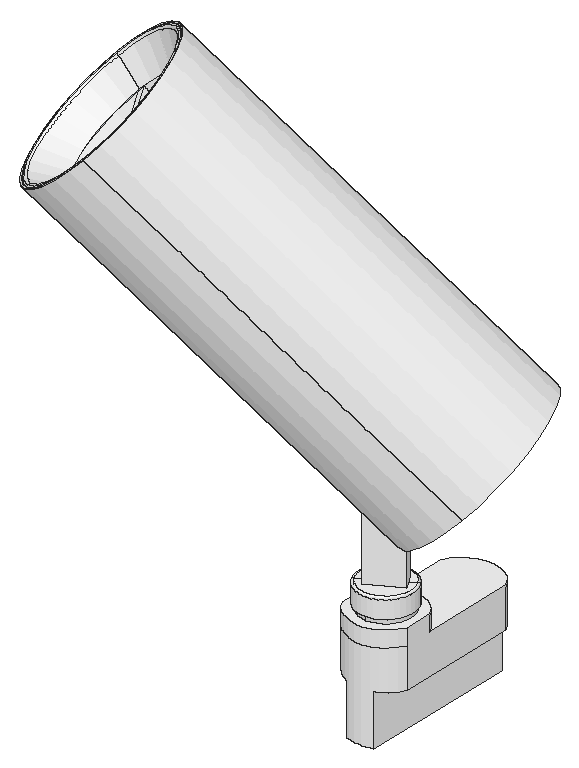
Revit family "0005444", category Lighting Fixtures, host Face, Revit 2017
Family settings
  Host = Face
  Round Connector Dimension = Use Diameter
  Part Type = Normal
  OmniClass Number = 23.80.70.00
  OmniClass Title = Lighting
  Cut with Voids When Loaded = No
  Light Source = No
  Shared = No
  Room Calculation Point = No
Parameters (values of type "0005444 PIXO LARGE 4725LM 930 NB MB WB WHT - 24 degree")
  Weight = "7.476 kg"
  Wattage Comments = ""
  WarrantyStartDate [instance] = "n/a"
  WarrantyGuarantorParts = "n/a"
  WarrantyDurationUnit = "n/a"
  WarrantyDurationParts = "n/a"
  WarrantyDescription = "n/a"
  Voltage = 0 V
  VerticalRotation_SYL [instance] = 60.00°
  VerticalEndAngle_SYL [instance] = VerticalRotation_SYL - 180.00°  # -120.00°
  URL = "http://www.sylvania-lighting.com"
  TypeName = "Pixo Large 4725lm 930 NB MB WB WHT"
  TypeHead_SYL = START Track Spot Integral Head : 0005444 - 24
  TypeArm_SYL = START Track Spot Integral Arm : START Track Spot Integral WH
  Type Image = <None>
  Type Comments = "n/a"
  SerialNumber [instance] = "n/a"
  Material_3_SYL = none
  PowerFactor = 0.9
  PowerConsumption = "54 W"
  NominalLength = 300 mm
  NominalHeight = 303 mm
  NominalDepth = 96 mm
  Name = "Pixo Large 4725lm 930 NB MB WB WHT"
  ModelReference = Name  # "Pixo Large 4725lm 930 NB MB WB WHT"
  ModelNumber = "0005444"
  Model = Name  # "Pixo Large 4725lm 930 NB MB WB WHT"
  Material = "n/a"
  ManufacturerName = "Feilo Sylvania"
  Manufacturer = "Feilo Sylvania"
  LuminousEfficacy = "88 lm/W"
  LuminaireType = ""
  LightOutputRatio = "n/a"
  LampsType = Lamp  # "LED"
  LampNominalLuminous = "4725 lm"
  LampMacAdamStep = "5"
  LampColourTemperature = "3000 K"
  LampColourRenderingIndex = "90"
  Lamp = "LED"
  Keynote = "16500"
  InstallationDate [instance] = "n/a"
  InputVoltage = "n/a"
  InputNominalFrequency = "n/a"
  IngressProtection = "IP20"
  ImpactProtectionIndex = "IK03"
  IfcExportType = "IfcLightFixtureType"
  IfcExportAs = "IfcLightFixtureType"
  HorizontalRotation_SYL [instance] = 45.00°
  ExpectedLife = 50000
  ElectricShockClassification = "Class I"
  DurationUnit = "hours"
  DocumentationLiterature = "http://www.sylvania-lighting.com/product/en-int/products/0005444"
  DimmingControlOptions = "n/a"
  Material_2_SYL = Spacer-Sylvania-StartTrackSpot-Aluminium
  Description = "Integrated LED spotlight, Textured White - RAL9016, simple and slick integral design with no driver box and without any visible screws, ideal for retail applications, die-cast aluminium body, passive cooling heatsink. Beam angle: 36°, additional lenses 24° and 54° beam angle included, color temperature: 3000K , total system power: 54W, total fixture output: 4725 lm, LOR: 100%, colour rendering: Ra: 90 typical, LED Chromaticity: 3 step MacAdam ellipse, lifetime: >50000 hours at L70B50, energy class: A++, A+, A, IR/UV free light source without heat radiation, operating voltage: 220-240V / 50-60Hz,  electronic driver, non-dimmable, ultra low LED flickering rate (5% or less), power factor: >0.90, electrical protection: Class I, Global Track 3 Circuit GA69 adapter suitable for Global trac 3-circuit tracks, ingress protection rating: IP20, suitable for internal environment only, horizontal rotation: 345°, vertical tilt: 90°, dimensions: Ø91x96x300, weight: 1,246kg."
  Default Elevation = 1219.2 mm
  CreatedOn = "9/9/2020"
  CreatedBy = "@sylvania-lighting.com"
  Cost = 0
  built-in parameter 1114216 [instance] = (empty or 0)
  ClassificationValue = "EF_70_80"
  ClassificationName = "Uniclass2015"
  Material_1_SYL = Body-Sylvania-StartTrackSpot-White
  BarCode [instance] = "n/a"
  AssetType = "Fixed"
  AssetIdentifier [instance] = "n/a"
  Assembly Code = "D5020200"
  Apparent Load = 54 VA
  Material_4_SYL = none
Reference planes
  plane 1 "Center (Front/Back)": y = 0
  plane 2: z = 0
  plane 3 "Center (Left/Right)": x = 0
  plane 4: x = 16.6
  plane 5: x = -16.6
  plane 6: x = 7
  plane 7: x = -7
  plane 8: x = -12.8
  plane 9: y = 42
  plane 10: y = 42
  plane 11: y = -42
  plane 12: y = 31.4
  plane 13: y = -31.4
  plane 14: z = -26
  plane 15: z = 20.3
  plane 16: z = 28.5
  plane 17: z = 31.2
  plane 18: y = -17.4
  plane 19: y = -6.8
  plane 20: y = -24.4
Forms (mm)
  Extrusion 1, solid, material "Body-Sylvania-StartTrackSpot-White" <- "Material_1_SYL"
    sketch origin (0, 0, 0) x (1, 0, 0) y (0, 1, 0)
      loop
        line (-16.6, 31.4) -> (-16.6, -31.4)
        arc (-16.6, -31.4) -> (0, -42) -> (16.6, -31.4) r 18.298
        line (16.6, -31.4) -> (16.6, 31.4)
        arc (16.6, 31.4) -> (0, 42) -> (-16.6, 31.4) r 18.298
    from -26 to 20.3
  Extrusion 2, void
    sketch origin (0, 0, 0) x (1, 0, 0) y (0, 1, 0)
      loop
        arc (-7, 40.608) -> (-12.666, 36.907) -> (-16.6, 31.4) r 18.298
        line (-16.6, 31.4) -> (-16.6, -31.4)
        arc (-16.6, -31.4) -> (-12.666, -36.907) -> (-7, -40.608) r 18.298
        line (-7, -40.608) -> (-7, 40.608)
      loop
        line (16.6, -31.4) -> (16.6, 31.4)
        arc (16.6, 31.4) -> (12.666, 36.907) -> (7, 40.608) r 18.298
        line (7, 40.608) -> (7, -40.608)
        arc (7, -40.608) -> (12.666, -36.907) -> (16.6, -31.4) r 18.298
    from 0 to -26
  Extrusion 3, solid, material "Body-Sylvania-StartTrackSpot-White" <- "Material_1_SYL"
    sketch origin (1223.4, -4572, 20.3) x (0, -1, 0) y (-1, 0, 0)
      loop
        line (-4540.6, 1240) -> (-4554.6, 1240)
        arc (-4554.6, 1240) -> (-4565.2, 1223.4) -> (-4554.6, 1206.8) r 18.298
        line (-4554.6, 1206.8) -> (-4540.6, 1206.8)
        arc (-4540.6, 1206.8) -> (-4530, 1223.4) -> (-4540.6, 1240) r 18.298
    from -8.2 to 0
  Extrusion 4, solid, material "Spacer-Sylvania-StartTrackSpot-Aluminium" <- "Material_2_SYL"
    sketch origin (1223.4, -4572, 28.5) x (0, -1, 0) y (-1, 0, 0)
      loop
        circle (-4547.6, 1223.4) r 12.7
    from 0 to -2.7
  Revolve 5, solid, not visible
    sketch origin (1524, -24.4, 1219.2) x (1, 0, 0) y (0, 0, 1)
      loop
        line (-1524, -1188) -> (-1524, -1168.735) -> (-1531, -1168.735) -> (-1531, -1188) -> (-1524, -1188)
      axis (-1524, -1168.735) -> (-1524, -1188)
    angle from 60 <- "VerticalRotation_SYL" to -120 <- "VerticalEndAngle_SYL"
Cuts and joins
  Extrusion 2 cuts Extrusion 1
  joined: Extrusion 1, Extrusion 3
Lines and regions (mm)
  reference lines
    curve 1: circle (0, -24.4, 0) r 12.7 normal (0, 0, 1)
    curve 2: arc (-16.6, -31.4, 0) -> (0, -42, 0) -> (16.6, -31.4, 0) r 18.298
    curve 3: arc (-16.6, -17.4, 0) -> (0, -6.8, 0) -> (16.6, -17.4, 0) r 18.298
    curve 4: arc (-16.6, 31.4, 0) -> (0, 42, 0) -> (16.6, 31.4, 0) r 18.298
Dimensions and locks
  plane 6 to plane 3 "Center (Left/Right)" to plane 7 = 7 mm locked, 7 mm locked
  plane 4 to plane 3 "Center (Left/Right)" to plane 5 = 16.6 mm locked, 16.6 mm locked
  locked: plane 3 "Center (Left/Right)" to plane 8 at 12.8
  plane 11 to plane 1 "Center (Front/Back)" to plane 10 = 42 mm locked, 42 mm locked
  plane 13 to plane 1 "Center (Front/Back)" to plane 12 = 31.4 mm locked, 31.4 mm locked
  locked: plane 2 to plane 14 at 26
  locked: plane 15 to plane 2 at 20.3
  plane 17 to plane 16 to plane 15 = 2.7 mm locked, 8.2 mm locked
  locked: plane 13 to plane 18 at 14
  locked: plane 18 to plane 19 at 10.6
  equal spacing: plane 13, plane 20, plane 18
  locked: plane 20 to curve 2 at 0.698
  locked: curve 3 to plane 20 at 0.698
  aligned and locked: plane 2 to host face
  aligned and locked: level to host face
  aligned and locked: plane 3 "Center (Left/Right)" to curve 1
  aligned and locked: plane 20 to curve 1
  aligned and locked: plane 13 to curve 2  (x2)
  aligned and locked: plane 18 to curve 3  (x2)
  aligned and locked: plane 12 to curve 4  (x2)
  aligned and locked: plane 4 to curve 4
  aligned and locked: plane 3 "Center (Left/Right)" to curve 4
  aligned and locked: plane 5 to curve 2
  aligned and locked: plane 5 to curve 3
  aligned and locked: plane 4 to curve 3
  aligned and locked: plane 4 to curve 2
  aligned and locked: plane 12 to Extrusion 1 sketch curve
  aligned and locked: plane 13 to Extrusion 1 sketch curve
  aligned and locked: Extrusion 1 sketch curve to curve 4
  aligned and locked: Extrusion 1 sketch curve to curve 2
  aligned and locked: Extrusion 1 to plane 15
  aligned and locked: plane 14 to Extrusion 1
  aligned and locked: Extrusion 2 sketch curve to Extrusion 1  (x5)
  aligned and locked: Extrusion 2 sketch curve to plane 7
  aligned and locked: plane 14 to Extrusion 2
  aligned and locked: level to Extrusion 2
  aligned and locked: Extrusion 3 sketch curve to cut or joined group of Extrusion 1, Extrusion 2, Extrusion 3  (x2)
  aligned and locked: Extrusion 3 sketch curve to curve 3
  aligned and locked: cut or joined group of Extrusion 1, Extrusion 2, Extrusion 3 to Extrusion 3 sketch curve
  aligned and locked: Extrusion 3 to plane 16
  aligned and locked: plane 15 to Extrusion 3
  aligned and locked: Extrusion 4 sketch curve to curve 1
  aligned and locked: Extrusion 4 to plane 17
  aligned and locked: plane 16 to Extrusion 4
  aligned and locked: Revolve 5 sketch curve to plane 3 "Center (Left/Right)"
  aligned and locked: Extrusion 4 to Revolve 5 sketch curve
  aligned and locked: Revolve 5 sketch curve to Extrusion 4
  aligned and locked: plane 17 to nested 1
Automatic sketch dimensions
  host sketch curve to host sketch curve = 2438.4 mm  (x2)
  plane 12 to curve 4 = 7.698 mm
  plane 12 to Extrusion 2 sketch curve = 0 mm
  Extrusion 2 sketch curve to Extrusion 2 sketch curve = 0 mm  (x2)
  Extrusion 2 sketch curve to plane 6 = 0 mm
  Revolve 5 sketch curve to plane 7 = 0 mm
  Revolve 5 sketch curve to Revolve 5 sketch curve = 19.265 mm
  plane 14 to Revolve 5 sketch curve = 583.6 mm
  Revolve 5 sketch curve to Revolve 5 sketch curve = 2558.594 mm
  radius of curve 1 = 12.7 mm
Nested families
  nested 1: "START Track Spot Integral Arm" at (0, -24.4, 31.2) x (0, 0, -1) z (0.866, 0.5, 0), type <- "TypeArm_SYL", HorizontalRotation_SYL <- "HorizontalRotation_SYL", type "START Track Spot Integral WH"
    with HorizontalRotation_SYL 45.00°, HorizontalEndAngle_SYL -135.00°
  nested 2: "START Track Spot Integral Head" at (22.045, -11.672, 108.656) x (-0.5, 0.866, 0) z (0.6124, 0.3536, -0.7071), type "0005426 ST TRK SPT INTGRL 4500LM 930 MB WHT"
    with built-in parameter 1114216 (empty or 0)
Connectors
  electrical at (0, 0, 0), driven by "Apparent Load", driven by "PowerFactor", driven by "Voltage"
    settings: index 1, voltage 0 V, apparent load 54 VA, apparent load phase1 0 VA, apparent load phase2 0 VA, apparent load phase3 0 VA, power factor 0.9, load classification "Lighting", number of poles 1, system type 30, power factor state 1, is connector primary yes, connector utility no, sub classification motor no, connector description ""
Definition of nested family "START Track Spot Integral Arm"
  Parameters (values of type "START Track Spot Integral WH")
    URL = "http://www.sylvania-lighting.com"
    Type Image = (empty or 0)
    Type Comments = "n/a"
    Material_3_SYL = none
    Model = ""
    Manufacturer = "Feilo Sylvania"
    Keynote = ""
    Material_2_SYL = none
    HorizontalRotation_SYL [instance] = 0.00°
    HorizontalEndAngle_SYL [instance] = HorizontalRotation_SYL - 180.00°  # -180.00°
    Description = ""
    Default Elevation = 1219.2 mm
    Cost = 0
    Material_1_SYL = none
    Assembly Code = ""
    Material_4_SYL = none
  Types (2): name
    START Track Spot Integral WH
    START Track Spot Integral BL
  Reference planes
    plane 1 "Center (Front/Back)": y = 0
    plane 2: z = 0
    plane 3 "Center (Left/Right)": x = 0
    plane 4: x = -10
    plane 5: z = -14
    plane 6: z = -14
    plane 7: z = 14
    plane 8: x = -52
    plane 9: z = 9
    plane 10: z = -9
    plane 11: x = -60
    plane 12: y = 4.5
    plane 13: y = -4.5
    plane 14: x = -9
    plane 15: z = 13
    plane 16: z = 4
    plane 17: z = -4
    plane 18: x = -55
  Forms (mm)
    Extrusion 1, solid
      sketch origin (4.2, 0, 0) x (1, 0, 0) y (0, 1, 0)
        loop
          line (-1219.2, 1219.2) -> (-1219.2, -1219.2) -> (1219.2, -1219.2) -> (1219.2, 1219.2) -> (-1219.2, 1219.2)
      from 0 to -68.017
    Revolve 2, solid, material <- "Material_1_SYL"
      sketch origin (0, 0, 0) x (1, 0, 0) y (0, 0, 1)
        loop
          line (0, 0) -> (0, 14) -> (-9, 14)
          arc (-9, 14) -> (-9.707, 13.707) -> (-10, 13) r 1
          line (-10, 13) -> (-10, 0) -> (0, 0)
        axis (-10, 0) -> (0, 0)
      angle from 360 to 0
    Extrusion 3, solid, material <- "Material_1_SYL"
      sketch origin (0, 0, 0) x (1, 0, 0) y (0, 0, 1)
        loop
          line (-10, 9) -> (-55, 9)
          arc (-55, 9) -> (-58.536, 7.536) -> (-60, 4) r 5
          line (-60, 4) -> (-60, -4)
          arc (-60, -4) -> (-58.536, -7.536) -> (-55, -9) r 5
          line (-55, -9) -> (-10, -9) -> (-10, 9)
      from -4.5 to 4.5
    Revolve 4, solid, not visible
      sketch origin (-52, -4572, 2609.058) x (0, 0, 1) y (0, -1, 0)
        loop
          line (-2609.058, -4553.46) -> (-2609.058, -4590.54) -> (-2605.058, -4590.54) -> (-2605.058, -4553.46) -> (-2609.058, -4553.46)
        axis (-2609.058, -4553.46) -> (-2609.058, -4590.54)
      angle from 0 <- "HorizontalRotation_SYL" to -180 <- "HorizontalEndAngle_SYL"
  Dimensions and locks
    locked: plane 3 "Center (Left/Right)" to plane 4 at 10
    plane 7 to plane 2 to plane 6 = 14 mm locked, 14 mm locked
    locked: plane 4 to plane 8 at 42
    plane 13 to plane 1 "Center (Front/Back)" to plane 12 = 4.5 mm locked, 4.5 mm locked
    locked: plane 14 to plane 4 at 1
    locked: plane 7 to plane 15 at 1
    locked: plane 9 to plane 16 at 5
    locked: plane 17 to plane 10 at 5
    equal spacing: Revolve 4 sketch curve, plane 1 "Center (Front/Back)", Revolve 4 sketch curve
    locked: Revolve 4 sketch curve to plane 1 "Center (Front/Back)" at 18.54
    locked: plane 18 to plane 11 at 5
    locked: plane 4 to plane 11 at 50
    aligned and locked: plane 2 to Extrusion 1
    aligned and locked: level to Extrusion 1
    aligned and locked: level to Revolve 2 sketch curve  (x2)
    aligned and locked: plane 3 "Center (Left/Right)" to Revolve 2 sketch curve
    aligned and locked: Revolve 2 sketch curve to plane 7
    aligned and locked: plane 4 to Revolve 2 sketch curve
    aligned and locked: plane 15 to Revolve 2 sketch curve
    aligned and locked: plane 14 to Revolve 2 sketch curve
    aligned and locked: Revolve 2 sketch curve to plane 2
    aligned and locked: Extrusion 3 sketch curve to plane 9
    aligned and locked: plane 4 to Extrusion 3 sketch curve
    aligned and locked: plane 10 to Extrusion 3 sketch curve
    aligned and locked: Extrusion 3 sketch curve to plane 11
    aligned and locked: plane 13 to Extrusion 3
    aligned and locked: Extrusion 3 to plane 12
    aligned and locked: plane 16 to Extrusion 3 sketch curve
    aligned and locked: plane 17 to Extrusion 3 sketch curve
    aligned and locked: Revolve 4 sketch curve to level
    aligned and locked: Revolve 4 sketch curve to plane 16
    aligned and locked: Revolve 4 sketch curve to plane 2
    aligned and locked: plane 18 to Extrusion 3 sketch curve  (x2)
Definition of nested family "START Track Spot Integral Head"
  Parameters (values of type "0005444 - 54")
    WidthCutOut_SYL = 9.5 mm  # constant formula
    Wattage Comments = "n/a"
    Wattage = 55 W
    built-in parameter 1150110 = 1 (stored number, unit not read)
    URL = "http://www.sylvania-lighting.com"
    Type Image = (empty or 0)
    Type Comments = "n/a"
    built-in parameter 1114217 = 1 (stored number, unit not read)
    Tilt Angle = 90.00°
    built-in parameter 1150109 = 1 (stored number, unit not read)
    built-in parameter 1150134 = (empty or 0)
    built-in parameter 1150113 = 1 (stored number, unit not read)
    S_SYL = no
    RadiusLensOut_SYL = if(S_SYL, 21 mm, if(M_SYL, 30.5 mm, 33 mm))  # 33 mm
    RadiusLensHolder_SYL = 1.8 mm  # constant formula
    RadiusHead_SYL = if(S_SYL, 30 mm, if(M_SYL, 40 mm, 45.5 mm))  # 45.5 mm
    RadiusEmission_SYL = if(S_SYL, 8 mm, if(M_SYL, 16.5 mm, 16.5 mm))  # 16.5 mm
    Photometric Web File = "0005444_54.ies"
    built-in parameter 1150142 = "IESNA:LM-63-2002\r\n[TEST] 202000174-1\r\n[TESTLAB] \r\n[TESTDATE] 8 Jun 2020\r\n[ISSUEDATE] 8 Jun 2020\r\n[MANUFAC] Sylvania\r\n[LUMCAT] 202000174-1\r\n[LUMINAIRE] FT1081-W-3000£¨54¡ã£©\r\n[FLASHAREA] 0.001373\r\n[LAMPCAT] 202000174-1\r\n[LAMP] LED 54W - 51.44 W\r\nTILT=NONE\r\n1 4858.80 1.0 181 4 1 2 -0.085 -0.085 0.000\r\n1.00 1.00 51.44\r\n0.00 1.00 2.00 3.00 4.00 5.00 6.00 7.00 8.00 9.00 10.00 \r\n11.00 12.00 13.00 14.00 15.00 16.00 17.00 18.00 19.00 \r\n20.00 21.00 22.00 23.00 24.00 25.00 26.00 27.00 28.00 \r\n29.00 30.00 31.00 32.00 33.00 34.00 35.00 36.00 37.00 \r\n38.00 39.00 40.00 41.00 42.00 43.00 44.00 45.00 46.00 \r\n47.00 48.00 49.00 50.00 51.00 52.00 53.00 54.00 55.00 \r\n56.00 57.00 58.00 59.00 60.00 61.00 62.00 63.00 64.00 \r\n65.00 66.00 67.00 68.00 69.00 70.00 71.00 72.00 73.00 \r\n74.00 75.00 76.00 77.00 78.00 79.00 80.00 81.00 82.00 \r\n83.00 84.00 85.00 86.00 87.00 88.00 89.00 90.00 91.00 \r\n92.00 93.00 94.00 95.00 96.00 97.00 98.00 99.00 100.00 \r\n101.00 102.00 103.00 104.00 105.00 106.00 107.00 108.00 \r\n109.00 110.00 111.00 112.00 113.00 114.00 115.00 116.00 \r\n117.00 118.00 119.00 120.00 121.00 122.00 123.00 124.00 \r\n125.00 126.00 127.00 128.00 129.00 130.00 131.00 132.00 \r\n133.00 134.00 135.00 136.00 137.00 138.00 139.00 140.00 \r\n141.00 142.00 143.00 144.00 145.00 146.00 147.00 148.00 \r\n149.00 150.00 151.00 152.00 153.00 154.00 155.00 156.00 \r\n157.00 158.00 159.00 160.00 161.00 162.00 163.00 164.00 \r\n165.00 166.00 167.00 168.00 169.00 170.00 171.00 172.00 \r\n173.00 174.00 175.00 176.00 177.00 178.00 179.00 180.00 \r\n0.00 30.00 60.00 90.00 \r\n5748.52 5832.98 5829.92 5813.23 5790.96 5758.73 5716.33 \r\n5664.90 5614.15 5552.77 5477.41 5391.90 5299.60 5199.79 \r\n5096.07 4987.17 4868.53 4744.46 4613.55 4468.86 4315.88 \r\n4155.34 3978.13 3793.44 3603.95 3412.60 3215.05 3018.56 \r\n2819.66 2609.95 2411.55 2204.65 2008.81 1814.47 1621.48 \r\n1442.97 1271.00 1111.98 970.05 841.19 725.92 634.06 \r\n550.38 480.99 423.77 375.03 330.30 293.88 262.46 236.71 \r\n213.41 193.79 175.98 161.28 147.15 135.58 125.21 116.27 \r\n108.59 101.48 95.49 89.84 84.45 79.63 74.83 70.20 65.77 \r\n61.39 56.10 50.66 46.22 41.84 37.82 33.99 30.48 26.90 \r\n22.98 18.49 14.66 11.82 9.11 6.70 4.46 2.74 1.72 1.16 \r\n0.74 0.41 0.22 0.12 0.09 0.05 0.05 0.05 0.05 0.05 0.06 \r\n0.06 0.06 0.07 0.08 0.08 0.09 0.09 0.09 0.10 0.11 0.11 \r\n0.12 0.14 0.15 0.00 0.00 0.00 0.00 0.00 0.00 0.00 0.00 \r\n0.00 0.00 0.00 0.00 0.00 0.00 0.00 0.00 0.00 0.00 0.00 \r\n0.00 0.00 0.00 0.00 0.00 0.00 0.00 0.00 0.00 0.00 0.00 \r\n0.00 0.00 0.00 0.00 0.00 0.00 0.00 0.00 0.00 0.00 0.00 \r\n0.00 0.00 0.00 0.00 0.00 0.00 0.00 0.00 0.00 0.00 0.00 \r\n0.00 0.00 0.00 0.00 0.00 0.00 0.00 0.00 0.00 0.00 0.00 \r\n0.00 0.00 0.00 0.00 0.00 0.00 0.00 \r\n5748.52 5795.00 5781.21 5763.63 5744.66 5712.95 5675.20 \r\n5633.49 5568.66 5500.06 5426.12 5349.85 5265.27 5167.41 \r\n5063.30 4951.07 4832.30 4709.77 4575.01 4433.65 4279.79 \r\n4118.13 3942.41 3752.83 3577.78 3384.88 3180.51 2990.60 \r\n2796.83 2592.91 2401.55 2192.57 1998.78 1802.12 1616.50 \r\n1441.88 1272.93 1119.16 982.97 857.06 744.69 648.13 \r\n566.13 494.45 432.97 379.98 337.98 300.98 267.26 240.98 \r\n217.40 196.31 178.37 162.42 148.85 137.08 126.89 117.70 \r\n109.71 102.62 96.04 90.32 84.66 79.51 74.79 69.97 65.14 \r\n59.94 55.59 51.17 45.86 41.75 37.69 33.90 30.04 26.02 \r\n22.26 19.03 15.64 11.97 9.16 6.90 5.08 3.57 2.29 1.36 \r\n0.85 0.56 0.34 0.19 0.11 0.08 0.05 0.05 0.05 0.05 0.05 \r\n0.06 0.06 0.07 0.07 0.07 0.08 0.08 0.09 0.09 0.10 0.11 \r\n0.11 0.13 0.13 0.00 0.00 0.00 0.00 0.00 0.00 0.00 0.00 \r\n0.00 0.00 0.00 0.00 0.00 0.00 0.00 0.00 0.00 0.00 0.00 \r\n0.00 0.00 0.00 0.00 0.00 0.00 0.00 0.00 0.00 0.00 0.00 \r\n0.00 0.00 0.00 0.00 0.00 0.00 0.00 0.00 0.00 0.00 0.00 \r\n0.00 0.00 0.00 0.00 0.00 0.00 0.00 0.00 0.00 0.00 0.00 \r\n0.00 0.00 0.00 0.00 0.00 0.00 0.00 0.00 0.00 0.00 0.00 \r\n0.00 0.00 0.00 0.00 0.00 0.00 0.00 \r\n5748.52 5758.92 5749.17 5730.59 5708.59 5673.43 5633.23 \r\n5583.51 5526.25 5463.42 5386.12 5300.39 5213.18 5119.81 \r\n5013.20 4905.57 4790.13 4662.32 4533.51 4390.26 4237.23 \r\n4071.54 3896.19 3719.51 3529.57 3341.14 3143.69 2949.54 \r\n2756.65 2555.62 2357.85 2155.72 1962.03 1767.43 1578.77 \r\n1404.85 1239.03 1083.57 945.20 823.25 712.99 622.13 \r\n541.75 473.42 416.54 368.05 327.62 290.08 260.28 234.54 \r\n210.90 191.93 174.36 159.02 146.01 134.29 124.24 115.38 \r\n107.88 101.17 94.86 89.35 83.98 79.11 74.23 69.70 64.79 \r\n60.29 55.36 50.40 45.58 41.28 37.35 33.54 29.80 26.00 \r\n22.23 18.52 14.85 11.66 8.89 6.59 4.64 3.11 1.95 1.23 \r\n0.78 0.47 0.28 0.17 0.10 0.08 0.05 0.05 0.05 0.06 0.06 \r\n0.06 0.06 0.06 0.07 0.07 0.08 0.08 0.09 0.10 0.10 0.11 \r\n0.12 0.13 0.14 0.00 0.00 0.00 0.00 0.00 0.00 0.00 0.00 \r\n0.00 0.00 0.00 0.00 0.00 0.00 0.00 0.00 0.00 0.00 0.00 \r\n0.00 0.00 0.00 0.00 0.00 0.00 0.00 0.00 0.00 0.00 0.00 \r\n0.00 0.00 0.00 0.00 0.00 0.00 0.00 0.00 0.00 0.00 0.00 \r\n0.00 0.00 0.00 0.00 0.00 0.00 0.00 0.00 0.00 0.00 0.00 \r\n0.00 0.00 0.00 0.00 0.00 0.00 0.00 0.00 0.00 0.00 0.00 \r\n0.00 0.00 0.00 0.00 0.00 0.00 0.00 \r\n5748.52 5744.59 5741.64 5725.27 5696.94 5663.25 5617.97 \r\n5574.05 5508.74 5442.70 5367.01 5285.16 5197.13 5099.39 \r\n4991.12 4886.25 4771.80 4653.96 4522.37 4376.87 4224.74 \r\n4058.37 3886.89 3699.26 3511.63 3318.31 3125.62 2930.20 \r\n2731.97 2531.13 2331.18 2128.92 1934.51 1740.03 1545.52 \r\n1369.74 1203.37 1056.03 917.78 796.30 692.34 603.76 \r\n527.58 462.53 407.72 361.49 322.67 285.46 256.26 231.00 \r\n208.29 189.72 171.87 157.00 144.38 132.63 122.33 113.75 \r\n106.51 99.91 94.02 88.46 83.24 78.44 73.67 69.05 64.57 \r\n59.51 54.79 49.10 44.66 40.46 36.60 32.96 29.44 25.82 \r\n21.75 17.76 14.14 11.16 8.56 6.16 4.05 2.57 1.59 1.06 \r\n0.65 0.39 0.21 0.12 0.09 0.05 0.05 0.05 0.05 0.05 0.05 \r\n0.06 0.06 0.07 0.07 0.07 0.08 0.08 0.09 0.09 0.10 0.10 \r\n0.11 0.12 0.14 0.00 0.00 0.00 0.00 0.00 0.00 0.00 0.00 \r\n0.00 0.00 0.00 0.00 0.00 0.00 0.00 0.00 0.00 0.00 0.00 \r\n0.00 0.00 0.00 0.00 0.00 0.00 0.00 0.00 0.00 0.00 0.00 \r\n0.00 0.00 0.00 0.00 0.00 0.00 0.00 0.00 0.00 0.00 0.00 \r\n0.00 0.00 0.00 0.00 0.00 0.00 0.00 0.00 0.00 0.00 0.00 \r\n0.00 0.00 0.00 0.00 0.00 0.00 0.00 0.00 0.00 0.00 0.00 \r\n0.00 0.00 0.00 0.00 0.00 0.00 0.00 \r\n"
    Material_3_SYL = none
    Model = "ST TRK SPT INTGRL 5000LM 930 WB WHT"
    Manufacturer = "Feilo Sylvania"
    M_SYL = no
    built-in parameter 1150105 = 397.89 (stored number, unit not read)
    Lumens = 5000 lm
    built-in parameter 1150115 = 1 (stored number, unit not read)
    built-in parameter 1150137 = (empty or 0)
    built-in parameter 1150139 = (empty or 0)
    built-in parameter 1150112 = 1 (stored number, unit not read)
    built-in parameter 1150114 = 1 (stored number, unit not read)
    Lamp = "LED"
    Keynote = "16500"
    Material_2_SYL = none
    built-in parameter 1150132 = (empty or 0)
    built-in parameter 1150102 = (empty or 0)
    built-in parameter 1150107 = 3000 (stored number, unit not read)
    built-in parameter 1150138 = (empty or 0)
    built-in parameter 1150106 = 3.9789 (stored number, unit not read)
    Height_SYL = if(S_SYL, 160 mm, if(M_SYL, 200 mm, 215 mm))  # 215 mm
    Emit from Circle Diameter = RadiusLensOut_SYL * 2  # 66 mm
    Emit Shape Visible in Rendering = no
    built-in parameter 1150104 = 8.4457 (stored number, unit not read)
    DistRotateAxisY_SYL = 16.8 mm  # constant formula
    Dimming Lamp Color Temperature Shift = (empty or 0)
    Description = ""
    DepthLens_SYL = 1.25 * (RadiusHead_SYL - 1 mm - RadiusLensOut_SYL)  # 14.375 mm
    DepthEmission_SYL = Height_SYL / 6.4  # 33.594 mm
    DepthCutOut_SYL = WidthCutOut_SYL * 2  # 19 mm
    Default Elevation = 1219.2 mm
    Cost = 0
    Color Filter = 16777215
    built-in parameter 1114216 [instance] = (empty or 0)
    Material_1_SYL = none
    built-in parameter 1114218 = 1 (stored number, unit not read)
    built-in parameter 1150133 = 10 (stored number, unit not read)
    Assembly Code = "D5020200"
    Apparent Load = 55 VA
    Material_4_SYL = none
  Types (3, lengths in mm): name | Photometric Web File | built-in parameter 1150142
    0005444 - 24 | "0005444_24.ies" | "IESNA:LM-63-2002\r\n[TEST] 202000174-1\r\n[TESTLAB] \r\n[TESTDATE] 8 Jun 2020\r\n[ISSUEDATE] 8 Jun 2020\r\n[MANUFAC] Sylvania\r\n[LUMCAT] 202000174-1\r\n[LUMINAIRE] FT1081-W-3000£¨24¡ã£©\r\n[FLASHAREA] 0.001373\r\n[LAMPCAT] 202000174-1\r\n[LAMP] LED 54W - 51.47 W\r\nTILT=NONE\r\n1 4665.30 1.0 181 4 1 2 -0.085 -0.085 0.000\r\n1.00 1.00 51.47\r\n0.00 1.00 2.00 3.00 4.00 5.00 6.00 7.00 8.00 9.00 10.00 \r\n11.00 12.00 13.00 14.00 15.00 16.00 17.00 18.00 19.00 \r\n20.00 21.00 22.00 23.00 24.00 25.00 26.00 27.00 28.00 \r\n29.00 30.00 31.00 32.00 33.00 34.00 35.00 36.00 37.00 \r\n38.00 39.00 40.00 41.00 42.00 43.00 44.00 45.00 46.00 \r\n47.00 48.00 49.00 50.00 51.00 52.00 53.00 54.00 55.00 \r\n56.00 57.00 58.00 59.00 60.00 61.00 62.00 63.00 64.00 \r\n65.00 66.00 67.00 68.00 69.00 70.00 71.00 72.00 73.00 \r\n74.00 75.00 76.00 77.00 78.00 79.00 80.00 81.00 82.00 \r\n83.00 84.00 85.00 86.00 87.00 88.00 89.00 90.00 91.00 \r\n92.00 93.00 94.00 95.00 96.00 97.00 98.00 99.00 100.00 \r\n101.00 102.00 103.00 104.00 105.00 106.00 107.00 108.00 \r\n109.00 110.00 111.00 112.00 113.00 114.00 115.00 116.00 \r\n117.00 118.00 119.00 120.00 121.00 122.00 123.00 124.00 \r\n125.00 126.00 127.00 128.00 129.00 130.00 131.00 132.00 \r\n133.00 134.00 135.00 136.00 137.00 138.00 139.00 140.00 \r\n141.00 142.00 143.00 144.00 145.00 146.00 147.00 148.00 \r\n149.00 150.00 151.00 152.00 153.00 154.00 155.00 156.00 \r\n157.00 158.00 159.00 160.00 161.00 162.00 163.00 164.00 \r\n165.00 166.00 167.00 168.00 169.00 170.00 171.00 172.00 \r\n173.00 174.00 175.00 176.00 177.00 178.00 179.00 180.00 \r\n0.00 30.00 60.00 90.00 \r\n15919.81 17772.62 17476.59 16911.75 16149.36 15206.99 \r\n14178.42 13163.75 12198.44 11271.69 10467.18 9689.23 \r\n8940.16 8202.26 7475.59 6785.94 6119.02 5487.43 4884.89 \r\n4300.32 3738.02 3234.05 2786.00 2418.10 2112.54 1860.78 \r\n1651.83 1477.62 1306.38 1160.32 1035.48 916.47 809.70 \r\n712.52 626.87 553.69 490.11 435.45 389.50 347.27 312.12 \r\n283.52 258.48 237.08 218.98 202.67 189.06 176.53 166.04 \r\n156.01 147.75 140.67 134.26 128.70 123.64 118.95 114.62 \r\n110.23 106.05 101.79 97.36 93.43 90.54 87.49 82.92 77.37 \r\n71.65 64.67 57.82 52.76 47.61 42.27 36.66 31.85 27.16 \r\n23.23 20.40 17.62 14.90 12.40 9.94 7.61 5.48 3.66 2.30 \r\n1.51 0.94 0.51 0.23 0.08 0.05 0.04 0.04 0.05 0.05 0.05 \r\n0.05 0.05 0.05 0.05 0.07 0.05 0.07 0.08 0.08 0.09 0.09 \r\n0.09 0.09 0.10 0.11 0.00 0.00 0.00 0.00 0.00 0.00 0.00 \r\n0.00 0.00 0.00 0.00 0.00 0.00 0.00 0.00 0.00 0.00 0.00 \r\n0.00 0.00 0.00 0.00 0.00 0.00 0.00 0.00 0.00 0.00 0.00 \r\n0.00 0.00 0.00 0.00 0.00 0.00 0.00 0.00 0.00 0.00 0.00 \r\n0.00 0.00 0.00 0.00 0.00 0.00 0.00 0.00 0.00 0.00 0.00 \r\n0.00 0.00 0.00 0.00 0.00 0.00 0.00 0.00 0.00 0.00 0.00 \r\n0.00 0.00 0.00 0.00 0.00 0.00 0.00 0.00 \r\n15919.81 16777.48 16478.93 15984.62 15331.65 14541.06 \r\n13673.03 12786.34 11923.66 11068.80 10276.42 9499.36 \r\n8753.98 8054.88 7361.58 6705.09 6047.33 5429.56 4822.83 \r\n4242.36 3707.27 3228.42 2815.99 2446.13 2137.82 1890.08 \r\n1677.16 1494.64 1331.52 1184.67 1059.13 937.91 833.84 \r\n738.63 653.24 578.13 510.07 453.21 400.65 356.64 318.96 \r\n286.92 258.28 235.26 216.14 199.04 185.12 173.04 162.54 \r\n152.90 144.80 137.76 131.62 126.04 121.24 116.91 112.82 \r\n108.83 104.93 101.24 97.61 94.26 90.32 85.62 81.20 76.33 \r\n70.21 64.60 58.92 52.57 46.44 41.62 36.48 31.65 27.68 \r\n24.11 20.41 17.29 14.64 11.98 9.59 7.48 5.61 4.08 2.79 \r\n1.81 1.10 0.68 0.40 0.21 0.10 0.05 0.05 0.05 0.05 0.05 \r\n0.05 0.05 0.06 0.06 0.06 0.07 0.07 0.08 0.08 0.09 0.09 \r\n0.09 0.10 0.10 0.11 0.00 0.00 0.00 0.00 0.00 0.00 0.00 \r\n0.00 0.00 0.00 0.00 0.00 0.00 0.00 0.00 0.00 0.00 0.00 \r\n0.00 0.00 0.00 0.00 0.00 0.00 0.00 0.00 0.00 0.00 0.00 \r\n0.00 0.00 0.00 0.00 0.00 0.00 0.00 0.00 0.00 0.00 0.00 \r\n0.00 0.00 0.00 0.00 0.00 0.00 0.00 0.00 0.00 0.00 0.00 \r\n0.00 0.00 0.00 0.00 0.00 0.00 0.00 0.00 0.00 0.00 0.00 \r\n0.00 0.00 0.00 0.00 0.00 0.00 0.00 0.00 \r\n15919.81 16083.71 15764.91 15288.33 14659.74 13919.51 \r\n13166.54 12323.50 11503.59 10733.88 9978.66 9255.78 \r\n8545.24 7865.40 7187.11 6525.14 5898.20 5279.76 4693.94 \r\n4137.16 3625.06 3160.17 2748.62 2402.09 2101.91 1853.49 \r\n1649.93 1464.68 1305.21 1165.20 1035.74 919.62 819.39 \r\n728.32 645.20 572.09 505.98 448.46 396.85 354.42 316.48 \r\n285.32 259.14 236.15 218.21 201.27 187.62 175.49 164.34 \r\n155.47 147.37 140.02 133.69 127.91 122.80 118.14 113.97 \r\n109.82 105.92 101.86 98.07 94.27 90.40 86.48 81.79 76.20 \r\n70.82 64.59 58.45 53.07 47.05 41.66 36.59 32.23 27.61 \r\n23.91 20.61 17.38 14.60 12.10 9.69 7.43 5.53 3.89 2.67 \r\n1.68 1.04 0.64 0.36 0.19 0.09 0.06 0.04 0.04 0.04 0.05 \r\n0.05 0.05 0.05 0.06 0.06 0.07 0.07 0.08 0.08 0.08 0.09 \r\n0.09 0.10 0.10 0.11 0.00 0.00 0.00 0.00 0.00 0.00 0.00 \r\n0.00 0.00 0.00 0.00 0.00 0.00 0.00 0.00 0.00 0.00 0.00 \r\n0.00 0.00 0.00 0.00 0.00 0.00 0.00 0.00 0.00 0.00 0.00 \r\n0.00 0.00 0.00 0.00 0.00 0.00 0.00 0.00 0.00 0.00 0.00 \r\n0.00 0.00 0.00 0.00 0.00 0.00 0.00 0.00 0.00 0.00 0.00 \r\n0.00 0.00 0.00 0.00 0.00 0.00 0.00 0.00 0.00 0.00 0.00 \r\n0.00 0.00 0.00 0.00 0.00 0.00 0.00 0.00 \r\n15919.81 15813.92 15513.43 15012.29 14392.04 13665.56 \r\n12884.95 12100.14 11310.32 10542.98 9813.07 9113.21 \r\n8410.00 7730.74 7070.64 6420.91 5797.56 5200.73 4614.91 \r\n4056.03 3540.18 3079.52 2646.10 2303.48 2015.77 1781.63 \r\n1567.89 1389.35 1236.88 1100.39 978.17 868.61 772.15 \r\n685.69 608.19 540.72 481.45 430.61 385.42 347.07 314.46 \r\n286.46 260.06 239.60 221.69 205.99 191.69 179.77 168.93 \r\n159.60 151.21 143.65 136.86 130.85 125.45 120.49 116.10 \r\n111.82 107.57 102.99 98.61 94.84 90.57 86.23 81.51 76.24 \r\n69.53 63.88 58.09 51.74 46.53 41.49 36.37 31.10 27.44 \r\n23.55 19.99 17.23 14.61 11.99 9.48 7.21 5.23 3.61 2.29 \r\n1.49 0.92 0.52 0.26 0.12 0.05 0.03 0.03 0.04 0.04 0.04 \r\n0.05 0.05 0.06 0.05 0.06 0.07 0.07 0.07 0.08 0.09 0.09 \r\n0.09 0.09 0.10 0.11 0.00 0.00 0.00 0.00 0.00 0.00 0.00 \r\n0.00 0.00 0.00 0.00 0.00 0.00 0.00 0.00 0.00 0.00 0.00 \r\n0.00 0.00 0.00 0.00 0.00 0.00 0.00 0.00 0.00 0.00 0.00 \r\n0.00 0.00 0.00 0.00 0.00 0.00 0.00 0.00 0.00 0.00 0.00 \r\n0.00 0.00 0.00 0.00 0.00 0.00 0.00 0.00 0.00 0.00 0.00 \r\n0.00 0.00 0.00 0.00 0.00 0.00 0.00 0.00 0.00 0.00 0.00 \r\n0.00 0.00 0.00 0.00 0.00 0.00 0.00 0.00 \r\n"
